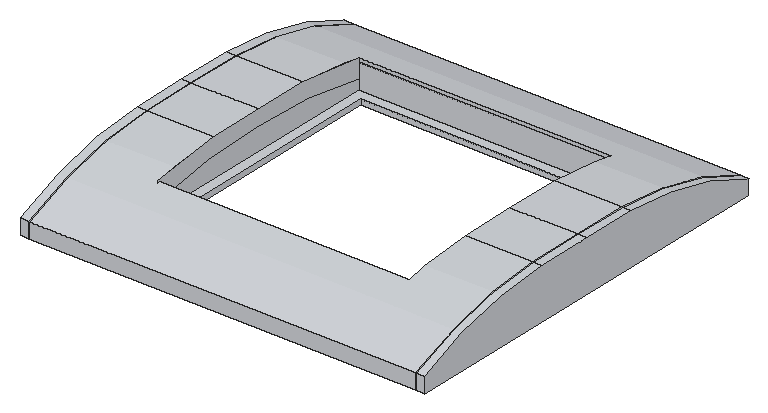
Revit family "Gira_021150", category Electrical Fixtures, host Face, Revit 2017
Family settings
  Host = Face
  Maintain Annotation Orientation = No
  Round Connector Dimension = Use Diameter
  Part Type = Normal
  Cut with Voids When Loaded = No
  Shared = No
  Room Calculation Point = No
Parameters (values of type "Abdeckrahmen 1f Zwischenr. F Alu Gira Event Opak Weiß")
  Werkstoffgüte = "Thermoplast"
  Werkstoff = "Kunststoff"
  URL = "http://katalog.gira.de/de_DE/datenblatt.html?artikelnr=021150"
  Transparent = "No"
  Textfeld/Beschriftungsfläche = "No"
  Schutzart (IP) = "IP20"
  Region = "DE"
  Oberfläche = "sonstige"
  Name = "Abdeckrahmen 1f Zwischenr. F Alu Gira Event Opak Weiß"
  Montagerichtung = "horizontal und vertikal"
  Mit Montagerahmen = "No"
  Mit Klappdeckel = "No"
  Manufacturer URL = "https://www.gira.de/"
  Keynote = "Event_Rahmen_1fach"
  HeinzeBIM = "https://bimportal.heinze.de/bim/abdeckrahmen-1f-zwischenr-f-alu-gira-event-opak-weiss/2d9eecc3b5cf3025151306ad95f51279970bc487"
  Halogenfrei = "Yes"
  HAN = "021150"
  Geeignet für Unterputz-Installation = "Yes"
  Geeignet für Unterflurkanaldose = "No"
  Geeignet für Geräteeinbaukanal = "No"
  Geeignet für Einbauinstallation = "No"
  GTIN = "4010337211501"
  Farbe = "weiß"
  Default Elevation = 1219.2 mm
  Data sheet (1) = "https://katalog.gira.de/de_DE/download.html?artikelnr=021150"
  Category = "Abdeckrahmen"
  Befestigungsart = "Klemmbefestigung"
  Available = "Yes"
  Anzahl der Einheiten vertikal = "1 "
  Anzahl der Einheiten horizontal = "1 "
  Anzahl der Einheiten = "1 "
Reference planes
  plane 1 "Center (Front/Back)": y = 0
  plane 2: z = 0
  plane 3 "Center (Left/Right)": x = 0
Forms (mm)
  Extrusion 1, solid, detail levels fine
    sketch origin (0, 0, 1.55) x (0, 1, 0) y (0, 0, 1)
      loop
        arc (12.445, 9.683) -> (6.223, 9.833) -> (0, 9.85) r 291.636
        arc (0, 9.85) -> (-6.223, 9.833) -> (-12.445, 9.683) r 291.636
        arc (-12.445, 9.683) -> (-29.14, 7.482) -> (-45, 1.823) r 79.728
        line (-45, 1.823) -> (-45, -1.55) -> (-41.777, -1.55) -> (-41.777, -0.55)
        arc (-41.777, -0.55) -> (-21.205, 4.846) -> (0, 6.467) r 118.15
        arc (0, 6.467) -> (21.205, 4.846) -> (41.777, -0.55) r 118.15
        line (41.777, -0.55) -> (41.777, -1.55) -> (45, -1.55) -> (45, 1.823)
        arc (45, 1.823) -> (29.14, 7.482) -> (12.445, 9.683) r 79.728
    from -43 to 43
  Extrusion 2, void, detail levels fine
    sketch origin (0, 0, 0) x (1, 0, 0) y (0, 1, 0)
      loop
        line (-28, -28) -> (28, -28) -> (28, 28) -> (-28, 28) -> (-28, -28)
    from 2.85 to 12
  Extrusion 3, solid, detail levels coarse
    sketch origin (0, 0, 0) x (1, 0, 0) y (0, 1, 0)
      loop
        line (-45, 45) -> (-45, -45) -> (45, -45) -> (45, 45) -> (-45, 45)
    from 0 to 11.4
  Extrusion 4, solid, detail levels medium
    sketch origin (0, 0, 1.55) x (0, 1, 0) y (0, 0, 1)
      loop
        arc (12.445, 9.683) -> (6.223, 9.833) -> (0, 9.85) r 291.636
        arc (0, 9.85) -> (-6.223, 9.833) -> (-12.445, 9.683) r 291.636
        arc (-12.445, 9.683) -> (-29.14, 7.482) -> (-45, 1.823) r 79.728
        line (-45, 1.823) -> (-45, -1.55) -> (45, -1.55) -> (45, 1.823)
        arc (45, 1.823) -> (29.14, 7.482) -> (12.445, 9.683) r 79.728
    from -45 to 45
  Extrusion 5, solid, detail levels fine
    sketch origin (0, 0, 0) x (0, 1, 0) y (0, 0, 1)
      loop
        arc (45, 3.373) -> (29.14, 9.032) -> (12.445, 11.233) r 79.728
        arc (12.445, 11.233) -> (6.223, 11.383) -> (0, 11.4) r 291.636
        arc (0, 11.4) -> (-6.223, 11.383) -> (-12.445, 11.233) r 291.636
        arc (-12.445, 11.233) -> (-29.14, 9.032) -> (-45, 3.373) r 79.728
        line (-45, 3.373) -> (-45, 0) -> (45, 0) -> (45, 3.373)
    from 43 to 45
  Extrusion 6, solid, detail levels fine
    sketch origin (0, 0, 0) x (0, 1, 0) y (0, 0, -1)
      loop
        line (45, -3.373) -> (45, 0) -> (-45, 0) -> (-45, -3.373)
        arc (-45, -3.373) -> (-29.14, -9.032) -> (-12.445, -11.233) r 79.728
        arc (-12.445, -11.233) -> (-6.223, -11.383) -> (0, -11.4) r 291.636
        arc (0, -11.4) -> (6.223, -11.383) -> (12.445, -11.233) r 291.636
        arc (12.445, -11.233) -> (29.14, -9.032) -> (45, -3.373) r 79.728
    from 43 to 45
  Extrusion 7, solid, detail levels fine
    sketch origin (0, 0, 0) x (1, 0, 0) y (0, 1, 0)
      loop
        line (-25.7, 25.7) -> (-25.7, -25.7) -> (25.7, -25.7) -> (25.7, 25.7) -> (-25.7, 25.7)
      loop
        line (-29.495, 27.895) -> (-29.495, -27.895)
        spline (-29.495, -27.895) -> (-29.486, -28.025) -> (-29.461, -28.154) -> (-29.419, -28.278) -> (-29.361, -28.395) -> (-29.288, -28.504) -> (-29.202, -28.602) -> (-29.104, -28.688) -> (-28.995, -28.761) -> (-28.878, -28.819) -> (-28.754, -28.861) -> (-28.625, -28.886) -> (-28.495, -28.895)
        line (-28.495, -28.895) -> (28.495, -28.895)
        spline (28.495, -28.895) -> (28.625, -28.886) -> (28.754, -28.861) -> (28.878, -28.819) -> (28.995, -28.761) -> (29.104, -28.688) -> (29.202, -28.602) -> (29.288, -28.504) -> (29.361, -28.395) -> (29.419, -28.278) -> (29.461, -28.154) -> (29.486, -28.025) -> (29.495, -27.895)
        line (29.495, -27.895) -> (29.495, 27.895)
        spline (29.495, 27.895) -> (29.486, 28.025) -> (29.461, 28.154) -> (29.419, 28.278) -> (29.361, 28.395) -> (29.288, 28.504) -> (29.202, 28.602) -> (29.104, 28.688) -> (28.995, 28.761) -> (28.878, 28.819) -> (28.754, 28.861) -> (28.625, 28.886) -> (28.495, 28.895)
        line (28.495, 28.895) -> (-28.495, 28.895)
        spline (-28.495, 28.895) -> (-28.625, 28.886) -> (-28.754, 28.861) -> (-28.878, 28.819) -> (-28.995, 28.761) -> (-29.104, 28.688) -> (-29.202, 28.602) -> (-29.288, 28.504) -> (-29.361, 28.395) -> (-29.419, 28.278) -> (-29.461, 28.154) -> (-29.486, 28.025) -> (-29.495, 27.895)
    from 1.673 to 8.5
Cuts and joins
  Extrusion 2 cuts Extrusion 1
  Extrusion 2 cuts Extrusion 7
Dimensions and locks
  aligned and locked: plane 2 to host face
  aligned and locked: level to host face
